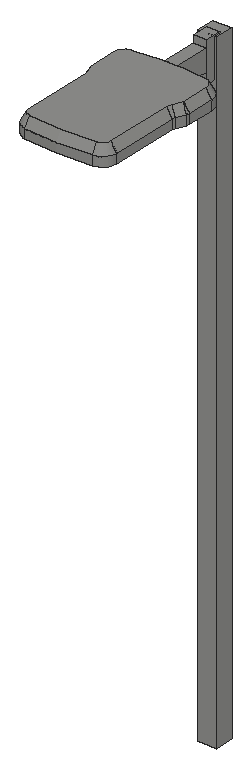
Revit family "VP-4-ASQU", category Lighting Fixtures, host Face, Revit 2019
Family settings
  Host = Face
  Round Connector Dimension = Use Diameter
  Part Type = Normal
  OmniClass Number = 23.80.70.11.14.17
  OmniClass Title = Direct/Indirect
  Cut with Voids When Loaded = No
  Light Source = No
  Shared = Yes
  Room Calculation Point = No
Parameters (values of type "VP-4-ASQU")
  Wattage Comments = "600 W"
  Warranty = "Five year warranty"  # constant formula
  Voltage = 120 V
  URL = "https://www.currentlighting.com/beacon"
  Type Comments = "Lighting Fixture"  # constant formula
  Size = SIZE4_A_ : SIZE4_A_
  Product Page URL = "https://www.currentlighting.com/outdoor-lighting/viper-area-size-4/9606406"
  Product Documentation Link = "https://cdn.currentlighting.com/site/specsheet/BEA_VIPERSPEC.pdf"
  Power Factor = 0.9
  Pole Height [instance] = 120.00"
  Name = "Viper Area Size 4"  # constant formula
  Mounting Base [instance] = Pole Size - 1.00"  # 2.50"
  Model = "VP-4-ASQU"
  Matt Grey = MATT GREY
  Matt Black = Matt Black
  Manufacturer = "Current Lighting"  # constant formula
  Load Classification = Lighting
  Light Output = 87468.00 cd/m²
  Lamp = "LED"  # constant formula
  Grey = Grey
  Glass = Glass
  Pole Size [instance] = 3.50"
  Features = "Featuring two different optical technologies, Micro Strike and Strike Optics, which provide the best distribution patterns for retrofit or new construction\r\nVibration rated for high vibration applications including bridges and overpasses\r\nControl options including photo control, occupancy sensing, NX Lighting Controls, wiSCAPE and 7-Pin with networked controls\r\nMounting options include: Arm, Universal Arm, Adjustable Arm, Mast Arm, Decorative Arm, Knuckle, Trunnion, Wall\r\nDistribution options include: Auto Front Row, Type 2, Type 3, Type 4 Forward, Type 4 Wide, Type 5 Narrow, Type 5 Medium, Type 5 Wide, Type 5 Rectangular, Corner Optic, and Tennis Court\r\n\r\n"  # constant formula
  Copyright = "© 2022 Current Lighting"  # constant formula
  Cool Grey = Cool Grey
  Contact Us = "https://www.currentlighting.com/contact-us"
  Certification = "UL"  # constant formula
  Description = "The Viper is an extremely versatile area/site luminaire which blends design, performance, and technology for a variety of applications."  # constant formula
  Default Elevation = 48.00"
  Finish = Arctic White
  Matt White = Matt White
  CRI = "70"  # constant formula
  Brand = "Beacon"  # constant formula
  Assembly Code = "D5020200"
  Apparent Load = 600 VA
Reference planes (in)
  plane 1 "Center (Front/Back)": y = 6.16697
  plane 2: z = 0
  plane 3 "Center (Left/Right)": x = 0
  plane 4: z = 3.75
  plane 5: z = -4.44
  plane 6: x = -1.75
  plane 7: x = 1.75
  plane 8: y = 4.41697
  plane 9: y = 7.91697
  plane 10: z = 120
Forms (in)
  Extrusion 1, solid, material "Cool Grey" <- "Cool Grey"
    sketch origin (0, 0, 0) x (1, 0, 0) y (0, 1, 0)
      loop
        line (-1.75, 7.91697) -> (-1.75, 4.41697) -> (1.75, 4.41697) -> (1.75, 7.91697) -> (-1.75, 7.91697)
    from 0 to 120
Lines and regions (in)
  reference lines
    curve 1: line (0, 14.42606, -3.25) -> (0, 17.42606, -0.25)
    curve 2: line (0, -2.09213, -3.25) -> (0, 14.42606, -3.25)
    curve 3: line (0, -5.09213, -0.25) -> (0, -2.09213, -3.25)
    curve 4: line (0, 14.42606, -3.25) -> (0, 17.42606, -0.25)
    curve 5: line (0, -5.09213, -0.25) -> (0, 17.42606, -0.25)
    curve 6: line (0, 17.17606, -0.77432) -> (0, 17.92606, -0.77432)
    curve 7: line (0, 17.17606, -1.52432) -> (0, 17.17606, -0.77432)
    curve 8: line (0, 16.69614, -1.52432) -> (0, 17.17606, -1.52432)
    curve 9: line (0, 14.92606, -4.25) -> (0, 16.69614, -1.52432)
    curve 10: line (0, -4.3622, -1.52432) -> (0, -2.59213, -4.25)
    curve 11: line (0, -4.84213, -1.52432) -> (0, -4.3622, -1.52432)
    curve 12: line (0, -4.84213, -0.77432) -> (0, -4.84213, -1.52432)
    curve 13: line (0, -5.59213, -0.77432) -> (0, -4.84213, -0.77432)
Dimensions and locks (in)
  plane 4 to plane 2 = 3.75"
  "Pole Size": plane 8 to plane 9
  equal spacing: plane 8, plane 1 "Center (Front/Back)", plane 9
  equal spacing: plane 6, plane 3 "Center (Left/Right)", plane 7
  "Pole Size": plane 6 to plane 7
  "Pole Height": plane 10 to plane 2
  aligned and locked: plane 2 to host face
  aligned and locked: level to host face
  aligned and locked: plane 10 to Extrusion 1
  aligned and locked: plane 3 "Center (Left/Right)" to nested 1
  aligned and locked: plane 9 to Extrusion 1 sketch curve
  aligned and locked: plane 6 to Extrusion 1 sketch curve
  aligned and locked: Extrusion 1 sketch curve to plane 8
  aligned and locked: Extrusion 1 sketch curve to plane 7
  aligned and locked: plane 10 to nested 1
Automatic sketch dimensions
  host sketch curve to host sketch curve = 96.00"
  host sketch curve to host sketch curve = 85.00"
  curve 3 to level = 0.25"
  plane 8 to curve 3 = 9.50909"
  curve 3 to curve 12 = 0.25"
  curve 11 to curve 11 = 0.47992"
  curve 2 to plane 5 = 1.19"
  curve 10 to curve 2 = 2.27008"
  curve 1 to plane 9 = 6.50909"
  curve 9 to level = 1.52432"
  curve 1 to curve 9 = 2.27008"
  curve 8 to curve 8 = 0.47992"
  curve 6 to curve 4 = 0.25"
  curve 10 to curve 3 = 1.27432"
  curve 7 to curve 1 = 0.52432"
  curve 12 to curve 3 = 0.52432"
  curve 13 to curve 3 = 0.50"
  curve 10 to plane 5 = 0.19"
  curve 10 to curve 2 = 0.50"
  curve 9 to plane 5 = 0.19"
  curve 1 to curve 9 = 0.50"
  curve 1 to curve 6 = 0.50"
Nested families (in)
  nested 1: "SIZE4_A_" at (0, 4.41697, 116.96019) x (1, 0, 0) z (0, -1, 0), type <- "Size", type "SIZE4_A_"
    with Mounting Base Width 2.50"
Connectors (in)
  electrical at (0, 6.16697, 0), driven by "Power Factor", driven by "Apparent Load", driven by "Voltage"
    settings: on Extrusion 1, index 1, voltage 120 V, apparent load 600 VA, apparent load phase1 0 VA, apparent load phase2 0 VA, apparent load phase3 0 VA, power factor 0.9, load classification "Other", number of poles 1, system type 30, power factor state 1, is connector primary yes, connector utility no, sub classification motor no, connector description "Light Fixture"
Definition of nested family "SIZE4_A_"
  Parameters (values of type "SIZE4_A_")
    Width = 19.62"
    Wattage = 519.1 W
    built-in parameter 1150110 = 1 (stored number, unit not read)
    built-in parameter 1114217 = 1 (stored number, unit not read)
    Tilt Angle = 160.00°
    built-in parameter 1150109 = 1 (stored number, unit not read)
    built-in parameter 1150134 = 3
    built-in parameter 1150113 = 1 (stored number, unit not read)
    Photometric Web File = "VP-4-720L-515-5K7-4W-BC.ies"
    Mounting Base Width = 3.00"
    Mount Length = 7.50"
    built-in parameter 1150105 = 3180.8 (stored number, unit not read)
    Lumens = 39970.7 lm
    built-in parameter 1150115 = 1 (stored number, unit not read)
    built-in parameter 1150137 = (empty or 0)
    built-in parameter 1150139 = (empty or 0)
    Length = 27.98"
    built-in parameter 1150112 = 1 (stored number, unit not read)
    built-in parameter 1150114 = 1 (stored number, unit not read)
    built-in parameter 1150132 = (empty or 0)
    built-in parameter 1150102 = (empty or 0)
    built-in parameter 1150107 = 3200 (stored number, unit not read)
    built-in parameter 1150138 = (empty or 0)
    built-in parameter 1150106 = 31.808 (stored number, unit not read)
    Glass = none
    Fixture = none
    built-in parameter 1150104 = 7.1535 (stored number, unit not read)
    Dimming Lamp Color Temperature Shift = (empty or 0)
    Default Elevation = 48.00"
    Color Filter = 16777215
    built-in parameter 1114218 = 1 (stored number, unit not read)
    built-in parameter 1150133 = 10 (stored number, unit not read)
  Reference planes (in)
    plane 1 "Center (Front/Back)": y = 0
    plane 2: z = 0
    plane 3 "Center (Left/Right)": x = 0
    plane 4: x = 9.81
    plane 5: x = -9.81
    plane 6: z = 7.5
    plane 7: z = 35.48
    plane 8: y = -1.74
    plane 9: y = 1.74
    plane 10: x = -1.5
    plane 11: x = 1.5
  Forms (in)
    Extrusion 1, solid
      sketch origin (0, 0, 0) x (1, 0, 0) y (0, 1, 0)
        loop
          line (-48, 48) -> (-48, -48) -> (48, -48) -> (48, 48) -> (-48, 48)
      from 0 to -12
    Extrusion 2, solid, material <- "Fixture"
      sketch origin (0, 0, 0) x (0, 1, 0) y (0, 0, 1)
        loop
          line (1.74, 8.51105) -> (-1.5789, 8.51105) -> (-2.86955, -1.406) -> (1.74, -1.406) -> (1.74, 8.51105)
      from -1.24 to 1.24
    Extrusion 3, void
      sketch origin (0, 0, 0) x (1, 0, 0) y (0, 0, 1)
        loop
          arc (-8.40608, 15.16005) -> (0.0771, 15.81374) -> (8.56, 15.15635) r 55.21553
          line (8.56, 15.15635) -> (8.56, 33.16182) -> (-8.40608, 33.16182) -> (-8.40608, 15.16005)
      from 1 to 1.75
    Extrusion 4, solid, material <- "Glass"
      sketch origin (0, 0, -0.5) x (1, 0, 0) y (0, 0, 1)
        loop
          arc (-7.30987, 33.16182) -> (-7.55736, 33.05931) -> (-7.65987, 32.81182) r 0.35
          line (-7.65987, 32.81182) -> (-7.65987, 28.01182)
          arc (-7.65987, 28.01182) -> (-7.55736, 27.76434) -> (-7.30987, 27.66182) r 0.35
          line (-7.30987, 27.66182) -> (7.30987, 27.66182)
          arc (7.30987, 27.66182) -> (7.55736, 27.76434) -> (7.65987, 28.01182) r 0.35
          line (7.65987, 28.01182) -> (7.65987, 32.81182)
          arc (7.65987, 32.81182) -> (7.55736, 33.05931) -> (7.30987, 33.16182) r 0.35
          line (7.30987, 33.16182) -> (-7.30987, 33.16182)
      from 1 to 1.35
    Extrusion 5, solid, material <- "Glass"
      sketch origin (0.375, 0, -0.375) x (1, 0, 0) y (0, 0, 1)
        loop
          circle (-7.47829, 32.33694) r 0.15
        loop
          circle (-6.95955, 32.33694) r 0.15
        loop
          circle (-6.4408, 32.33694) r 0.15
        loop
          circle (-5.92205, 32.33694) r 0.15
        loop
          circle (-5.4033, 32.33694) r 0.15
        loop
          circle (-4.88455, 32.33694) r 0.15
        loop
          circle (-4.3658, 32.33694) r 0.15
        loop
          circle (-3.84705, 32.33694) r 0.15
        loop
          circle (-3.32831, 32.33694) r 0.15
        loop
          circle (-7.47829, 31.83694) r 0.15
        loop
          circle (-6.95955, 31.83694) r 0.15
        loop
          circle (-6.4408, 31.83694) r 0.15
        loop
          circle (-5.92205, 31.83694) r 0.15
        loop
          circle (-5.4033, 31.83694) r 0.15
        loop
          circle (-4.88455, 31.83694) r 0.15
        loop
          circle (-4.3658, 31.83694) r 0.15
        loop
          circle (-3.84705, 31.83694) r 0.15
        loop
          circle (-3.32831, 31.83694) r 0.15
        loop
          circle (-7.47829, 31.33694) r 0.15
        loop
          circle (-6.95955, 31.33694) r 0.15
        loop
          circle (-6.4408, 31.33694) r 0.15
        loop
          circle (-5.92205, 31.33694) r 0.15
        loop
          circle (-5.4033, 31.33694) r 0.15
        loop
          circle (-4.88455, 31.33694) r 0.15
        loop
          circle (-4.3658, 31.33694) r 0.15
        loop
          circle (-3.84705, 31.33694) r 0.15
        loop
          circle (-3.32831, 31.33694) r 0.15
        loop
          circle (-7.47829, 30.83694) r 0.15
        loop
          circle (-6.95955, 30.83694) r 0.15
        loop
          circle (-6.4408, 30.83694) r 0.15
        loop
          circle (-5.92205, 30.83694) r 0.15
        loop
          circle (-5.4033, 30.83694) r 0.15
        loop
          circle (-4.88455, 30.83694) r 0.15
        loop
          circle (-4.3658, 30.83694) r 0.15
        loop
          circle (-3.84705, 30.83694) r 0.15
        loop
          circle (-3.32831, 30.83694) r 0.15
        loop
          circle (-7.47829, 30.33694) r 0.15
        loop
          circle (-6.95955, 30.33694) r 0.15
        loop
          circle (-6.4408, 30.33694) r 0.15
        loop
          circle (-5.92205, 30.33694) r 0.15
        loop
          circle (-5.4033, 30.33694) r 0.15
        loop
          circle (-4.88455, 30.33694) r 0.15
        loop
          circle (-4.3658, 30.33694) r 0.15
        loop
          circle (-3.84705, 30.33694) r 0.15
        loop
          circle (-3.32831, 30.33694) r 0.15
        loop
          circle (-7.47829, 29.83694) r 0.15
        loop
          circle (-6.95955, 29.83694) r 0.15
        loop
          circle (-6.4408, 29.83694) r 0.15
        loop
          circle (-5.92205, 29.83694) r 0.15
        loop
          circle (-5.4033, 29.83694) r 0.15
        loop
          circle (-4.88455, 29.83694) r 0.15
        loop
          circle (-4.3658, 29.83694) r 0.15
        loop
          circle (-3.84705, 29.83694) r 0.15
        loop
          circle (-3.32831, 29.83694) r 0.15
        loop
          circle (-7.47829, 29.33694) r 0.15
        loop
          circle (-6.95955, 29.33694) r 0.15
        loop
          circle (-6.4408, 29.33694) r 0.15
        loop
          circle (-5.92205, 29.33694) r 0.15
        loop
          circle (-5.4033, 29.33694) r 0.15
        loop
          circle (-4.88455, 29.33694) r 0.15
        loop
          circle (-4.3658, 29.33694) r 0.15
        loop
          circle (-3.84705, 29.33694) r 0.15
        loop
          circle (-3.32831, 29.33694) r 0.15
        loop
          circle (-7.47829, 28.83694) r 0.15
        loop
          circle (-6.95955, 28.83694) r 0.15
        loop
          circle (-6.4408, 28.83694) r 0.15
        loop
          circle (-5.92205, 28.83694) r 0.15
        loop
          circle (-5.4033, 28.83694) r 0.15
        loop
          circle (-4.88455, 28.83694) r 0.15
        loop
          circle (-4.3658, 28.83694) r 0.15
        loop
          circle (-3.84705, 28.83694) r 0.15
        loop
          circle (-3.32831, 28.83694) r 0.15
        loop
          circle (-7.47829, 28.33694) r 0.15
        loop
          circle (-6.95955, 28.33694) r 0.15
        loop
          circle (-6.4408, 28.33694) r 0.15
        loop
          circle (-5.92205, 28.33694) r 0.15
        loop
          circle (-5.4033, 28.33694) r 0.15
        loop
          circle (-4.88455, 28.33694) r 0.15
        loop
          circle (-4.3658, 28.33694) r 0.15
        loop
          circle (-3.84705, 28.33694) r 0.15
        loop
          circle (-3.32831, 28.33694) r 0.15
      from 1.35 to 1.4
    Extrusion 6, solid, material <- "Glass"
      sketch origin (0, 0, -0.375) x (1, 0, 0) y (0, 0, 1)
        loop
          arc (-7.16655, 32.8409) -> (-7.34333, 32.76768) -> (-7.41655, 32.5909) r 0.25
          line (-7.41655, 32.5909) -> (-7.41655, 28.0909)
          arc (-7.41655, 28.0909) -> (-7.34333, 27.91412) -> (-7.16655, 27.8409) r 0.25
          line (-7.16655, 27.8409) -> (-2.81123, 27.8409)
          arc (-2.81123, 27.8409) -> (-2.63446, 27.91412) -> (-2.56123, 28.0909) r 0.25
          line (-2.56123, 28.0909) -> (-2.56123, 32.5909)
          arc (-2.56123, 32.5909) -> (-2.63446, 32.76768) -> (-2.81123, 32.8409) r 0.25
          line (-2.81123, 32.8409) -> (-7.16655, 32.8409)
      from 1.35 to 1.37213
    Extrusion 7, solid, material <- "Fixture"
      sketch origin (0, 0, 12.875) x (1, 0, 0) y (0, 1, 0)
        loop
          line (7.68693, -1) -> (7.68693, -1.20146)
          arc (7.68693, -1.20146) -> (7.69367, -1.23973) -> (7.71311, -1.27339) r 0.1119
          line (7.71311, -1.27339) -> (8.07367, -1.70309)
          arc (8.07367, -1.70309) -> (8.10164, -1.72455) -> (8.13607, -1.73219) r 0.08147
          line (8.13607, -1.73219) -> (8.56, -1.73219) -> (8.56, -1) -> (7.68693, -1)
      from 18.55 to 18.65
    Extrusion 8, solid, material <- "Glass"
      sketch origin (-0.375, 0, -0.375) x (-1, 0, 0) y (0, 0, -1)
        loop
          circle (-7.47829, -32.33694) r 0.15
        loop
          circle (-6.95955, -32.33694) r 0.15
        loop
          circle (-6.4408, -32.33694) r 0.15
        loop
          circle (-5.92205, -32.33694) r 0.15
        loop
          circle (-5.4033, -32.33694) r 0.15
        loop
          circle (-4.88455, -32.33694) r 0.15
        loop
          circle (-4.3658, -32.33694) r 0.15
        loop
          circle (-3.84705, -32.33694) r 0.15
        loop
          circle (-3.32831, -32.33694) r 0.15
        loop
          circle (-7.47829, -31.83694) r 0.15
        loop
          circle (-6.95955, -31.83694) r 0.15
        loop
          circle (-6.4408, -31.83694) r 0.15
        loop
          circle (-5.92205, -31.83694) r 0.15
        loop
          circle (-5.4033, -31.83694) r 0.15
        loop
          circle (-4.88455, -31.83694) r 0.15
        loop
          circle (-4.3658, -31.83694) r 0.15
        loop
          circle (-3.84705, -31.83694) r 0.15
        loop
          circle (-3.32831, -31.83694) r 0.15
        loop
          circle (-7.47829, -31.33694) r 0.15
        loop
          circle (-6.95955, -31.33694) r 0.15
        loop
          circle (-6.4408, -31.33694) r 0.15
        loop
          circle (-5.92205, -31.33694) r 0.15
        loop
          circle (-5.4033, -31.33694) r 0.15
        loop
          circle (-4.88455, -31.33694) r 0.15
        loop
          circle (-4.3658, -31.33694) r 0.15
        loop
          circle (-3.84705, -31.33694) r 0.15
        loop
          circle (-3.32831, -31.33694) r 0.15
        loop
          circle (-7.47829, -30.83694) r 0.15
        loop
          circle (-6.95955, -30.83694) r 0.15
        loop
          circle (-6.4408, -30.83694) r 0.15
        loop
          circle (-5.92205, -30.83694) r 0.15
        loop
          circle (-5.4033, -30.83694) r 0.15
        loop
          circle (-4.88455, -30.83694) r 0.15
        loop
          circle (-4.3658, -30.83694) r 0.15
        loop
          circle (-3.84705, -30.83694) r 0.15
        loop
          circle (-3.32831, -30.83694) r 0.15
        loop
          circle (-7.47829, -30.33694) r 0.15
        loop
          circle (-6.95955, -30.33694) r 0.15
        loop
          circle (-6.4408, -30.33694) r 0.15
        loop
          circle (-5.92205, -30.33694) r 0.15
        loop
          circle (-5.4033, -30.33694) r 0.15
        loop
          circle (-4.88455, -30.33694) r 0.15
        loop
          circle (-4.3658, -30.33694) r 0.15
        loop
          circle (-3.84705, -30.33694) r 0.15
        loop
          circle (-3.32831, -30.33694) r 0.15
        loop
          circle (-7.47829, -29.83694) r 0.15
        loop
          circle (-6.95955, -29.83694) r 0.15
        loop
          circle (-6.4408, -29.83694) r 0.15
        loop
          circle (-5.92205, -29.83694) r 0.15
        loop
          circle (-5.4033, -29.83694) r 0.15
        loop
          circle (-4.88455, -29.83694) r 0.15
        loop
          circle (-4.3658, -29.83694) r 0.15
        loop
          circle (-3.84705, -29.83694) r 0.15
        loop
          circle (-3.32831, -29.83694) r 0.15
        loop
          circle (-7.47829, -29.33694) r 0.15
        loop
          circle (-6.95955, -29.33694) r 0.15
        loop
          circle (-6.4408, -29.33694) r 0.15
        loop
          circle (-5.92205, -29.33694) r 0.15
        loop
          circle (-5.4033, -29.33694) r 0.15
        loop
          circle (-4.88455, -29.33694) r 0.15
        loop
          circle (-4.3658, -29.33694) r 0.15
        loop
          circle (-3.84705, -29.33694) r 0.15
        loop
          circle (-3.32831, -29.33694) r 0.15
        loop
          circle (-7.47829, -28.83694) r 0.15
        loop
          circle (-6.95955, -28.83694) r 0.15
        loop
          circle (-6.4408, -28.83694) r 0.15
        loop
          circle (-5.92205, -28.83694) r 0.15
        loop
          circle (-5.4033, -28.83694) r 0.15
        loop
          circle (-4.88455, -28.83694) r 0.15
        loop
          circle (-4.3658, -28.83694) r 0.15
        loop
          circle (-3.84705, -28.83694) r 0.15
        loop
          circle (-3.32831, -28.83694) r 0.15
        loop
          circle (-7.47829, -28.33694) r 0.15
        loop
          circle (-6.95955, -28.33694) r 0.15
        loop
          circle (-6.4408, -28.33694) r 0.15
        loop
          circle (-5.92205, -28.33694) r 0.15
        loop
          circle (-5.4033, -28.33694) r 0.15
        loop
          circle (-4.88455, -28.33694) r 0.15
        loop
          circle (-4.3658, -28.33694) r 0.15
        loop
          circle (-3.84705, -28.33694) r 0.15
        loop
          circle (-3.32831, -28.33694) r 0.15
      from 1.35 to 1.4
    Extrusion 9, solid, material <- "Glass"
      sketch origin (0, 0, -0.375) x (-1, 0, 0) y (0, 0, -1)
        loop
          line (-7.16655, -32.8409) -> (-2.84181, -32.8409)
          arc (-2.84181, -32.8409) -> (-2.66504, -32.76768) -> (-2.59181, -32.5909) r 0.25
          line (-2.59181, -32.5909) -> (-2.59181, -28.0909)
          arc (-2.59181, -28.0909) -> (-2.66504, -27.91412) -> (-2.84181, -27.8409) r 0.25
          line (-2.84181, -27.8409) -> (-7.16655, -27.8409)
          arc (-7.16655, -27.8409) -> (-7.34333, -27.91412) -> (-7.41655, -28.0909) r 0.25
          line (-7.41655, -28.0909) -> (-7.41655, -32.5909)
          arc (-7.41655, -32.5909) -> (-7.34333, -32.76768) -> (-7.16655, -32.8409) r 0.25
      from 1.35 to 1.37213
    Extrusion 10, solid, material <- "Glass"
      sketch origin (0, 0, -5.75) x (1, 0, 0) y (0, 0, 1)
        loop
          arc (-7.30987, 32.91182) -> (-7.55736, 32.80931) -> (-7.65987, 32.56182) r 0.35
          line (-7.65987, 32.56182) -> (-7.65987, 27.76182)
          arc (-7.65987, 27.76182) -> (-7.55736, 27.51434) -> (-7.30987, 27.41182) r 0.35
          line (-7.30987, 27.41182) -> (7.30987, 27.41182)
          arc (7.30987, 27.41182) -> (7.55736, 27.51434) -> (7.65987, 27.76182) r 0.35
          line (7.65987, 27.76182) -> (7.65987, 32.56182)
          arc (7.65987, 32.56182) -> (7.55736, 32.80931) -> (7.30987, 32.91182) r 0.35
          line (7.30987, 32.91182) -> (-7.30987, 32.91182)
      from 1 to 1.35
    Extrusion 11, solid, material <- "Glass"
      sketch origin (0, 0, 47.30365) x (1, 0, 0) y (0, 0, 1)
        loop
          line (-7.30987, -31.14182) -> (7.30987, -31.14182)
          arc (7.30987, -31.14182) -> (7.55736, -31.03931) -> (7.65987, -30.79182) r 0.35
          line (7.65987, -30.79182) -> (7.65987, -25.99182)
          arc (7.65987, -25.99182) -> (7.55736, -25.74434) -> (7.30987, -25.64182) r 0.35
          line (7.30987, -25.64182) -> (-7.30987, -25.64182)
          arc (-7.30987, -25.64182) -> (-7.55736, -25.74434) -> (-7.65987, -25.99182) r 0.35
          line (-7.65987, -25.99182) -> (-7.65987, -30.79182)
          arc (-7.65987, -30.79182) -> (-7.55736, -31.03931) -> (-7.30987, -31.14182) r 0.35
      from 1 to 1.35
    Extrusion 12, solid, material <- "Fixture"
      sketch origin (0, 0, 11.87318) x (1, 0, 0) y (0, 1, 0)
        loop
          line (7.68693, -1) -> (7.68693, -1.20146)
          arc (7.68693, -1.20146) -> (7.69367, -1.23973) -> (7.71311, -1.27339) r 0.1119
          line (7.71311, -1.27339) -> (8.07367, -1.70309)
          arc (8.07367, -1.70309) -> (8.10164, -1.72455) -> (8.13607, -1.73219) r 0.08147
          line (8.13607, -1.73219) -> (8.56, -1.73219) -> (8.56, -1) -> (7.68693, -1)
      from 18.55 to 18.65
    Extrusion 13, solid, material <- "Fixture"
      sketch origin (0, 0, 10.87135) x (1, 0, 0) y (0, 1, 0)
        loop
          line (7.68693, -1) -> (7.68693, -1.20146)
          arc (7.68693, -1.20146) -> (7.69367, -1.23973) -> (7.71311, -1.27339) r 0.1119
          line (7.71311, -1.27339) -> (8.07367, -1.70309)
          arc (8.07367, -1.70309) -> (8.10164, -1.72455) -> (8.13607, -1.73219) r 0.08147
          line (8.13607, -1.73219) -> (8.56, -1.73219) -> (8.56, -1) -> (7.68693, -1)
      from 18.55 to 18.65
    Extrusion 14, solid, material <- "Fixture"
      sketch origin (0, 0, 9.86953) x (1, 0, 0) y (0, 1, 0)
        loop
          line (7.68693, -1) -> (7.68693, -1.20146)
          arc (7.68693, -1.20146) -> (7.69367, -1.23973) -> (7.71311, -1.27339) r 0.1119
          line (7.71311, -1.27339) -> (8.07367, -1.70309)
          arc (8.07367, -1.70309) -> (8.10164, -1.72455) -> (8.13607, -1.73219) r 0.08147
          line (8.13607, -1.73219) -> (8.56, -1.73219) -> (8.56, -1) -> (7.68693, -1)
      from 18.55 to 18.65
    Extrusion 15, solid, material <- "Fixture"
      sketch origin (0, 0, 8.86953) x (1, 0, 0) y (0, 1, 0)
        loop
          line (7.68693, -1) -> (7.68693, -1.20146)
          arc (7.68693, -1.20146) -> (7.69367, -1.23973) -> (7.71311, -1.27339) r 0.1119
          line (7.71311, -1.27339) -> (8.07367, -1.70309)
          arc (8.07367, -1.70309) -> (8.10164, -1.72455) -> (8.13607, -1.73219) r 0.08147
          line (8.13607, -1.73219) -> (8.56, -1.73219) -> (8.56, -1) -> (7.68693, -1)
      from 18.55 to 18.65
    Extrusion 16, solid, material <- "Fixture"
      sketch origin (0, 0, 7.8125) x (1, 0, 0) y (0, 1, 0)
        loop
          line (7.68693, -1) -> (7.68693, -1.20146)
          arc (7.68693, -1.20146) -> (7.69367, -1.23973) -> (7.71311, -1.27339) r 0.1119
          line (7.71311, -1.27339) -> (8.07367, -1.70309)
          arc (8.07367, -1.70309) -> (8.10164, -1.72455) -> (8.13607, -1.73219) r 0.08147
          line (8.13607, -1.73219) -> (8.56, -1.73219) -> (8.56, -1) -> (7.68693, -1)
      from 18.55 to 18.65
    Extrusion 17, solid, material <- "Fixture"
      sketch origin (0, 0, 6.81068) x (1, 0, 0) y (0, 1, 0)
        loop
          line (7.68693, -1) -> (7.68693, -1.20146)
          arc (7.68693, -1.20146) -> (7.69367, -1.23973) -> (7.71311, -1.27339) r 0.1119
          line (7.71311, -1.27339) -> (8.07367, -1.70309)
          arc (8.07367, -1.70309) -> (8.10164, -1.72455) -> (8.13607, -1.73219) r 0.08147
          line (8.13607, -1.73219) -> (8.56, -1.73219) -> (8.56, -1) -> (7.68693, -1)
      from 18.55 to 18.65
    Extrusion 18, solid, material <- "Fixture"
      sketch origin (0, 0, 5.80885) x (1, 0, 0) y (0, 1, 0)
        loop
          line (7.68693, -1) -> (7.68693, -1.20146)
          arc (7.68693, -1.20146) -> (7.69367, -1.23973) -> (7.71311, -1.27339) r 0.1119
          line (7.71311, -1.27339) -> (8.07367, -1.70309)
          arc (8.07367, -1.70309) -> (8.10164, -1.72455) -> (8.13607, -1.73219) r 0.08147
          line (8.13607, -1.73219) -> (8.56, -1.73219) -> (8.56, -1) -> (7.68693, -1)
      from 18.55 to 18.65
    Extrusion 19, solid, material <- "Fixture"
      sketch origin (0, 0, 4.80703) x (1, 0, 0) y (0, 1, 0)
        loop
          line (7.68693, -1) -> (7.68693, -1.20146)
          arc (7.68693, -1.20146) -> (7.69367, -1.23973) -> (7.71311, -1.27339) r 0.1119
          line (7.71311, -1.27339) -> (8.07367, -1.70309)
          arc (8.07367, -1.70309) -> (8.10164, -1.72455) -> (8.13607, -1.73219) r 0.08147
          line (8.13607, -1.73219) -> (8.56, -1.73219) -> (8.56, -1) -> (7.68693, -1)
      from 18.55 to 18.65
    Extrusion 20, solid, material <- "Fixture"
      sketch origin (0, 0, 3.80703) x (1, 0, 0) y (0, 1, 0)
        loop
          line (7.68693, -1) -> (7.68693, -1.20146)
          arc (7.68693, -1.20146) -> (7.69367, -1.23973) -> (7.71311, -1.27339) r 0.1119
          line (7.71311, -1.27339) -> (8.07367, -1.70309)
          arc (8.07367, -1.70309) -> (8.10164, -1.72455) -> (8.13607, -1.73219) r 0.08147
          line (8.13607, -1.73219) -> (8.56, -1.73219) -> (8.56, -1) -> (7.68693, -1)
      from 18.55 to 18.65
    Extrusion 21, solid, material <- "Fixture"
      sketch origin (0, 0, 2.125) x (1, 0, 0) y (0, 1, 0)
        loop
          line (7.68693, -1) -> (7.68693, -1.20146)
          arc (7.68693, -1.20146) -> (7.69367, -1.23973) -> (7.71311, -1.27339) r 0.1119
          line (7.71311, -1.27339) -> (8.07367, -1.70309)
          arc (8.07367, -1.70309) -> (8.10164, -1.72455) -> (8.13607, -1.73219) r 0.08147
          line (8.13607, -1.73219) -> (8.56, -1.73219) -> (8.56, -1) -> (7.68693, -1)
      from 18.55 to 18.65
    Extrusion 22, solid, material <- "Fixture"
      sketch origin (0, 0, 1.12318) x (1, 0, 0) y (0, 1, 0)
        loop
          line (7.68693, -1) -> (7.68693, -1.20146)
          arc (7.68693, -1.20146) -> (7.69367, -1.23973) -> (7.71311, -1.27339) r 0.1119
          line (7.71311, -1.27339) -> (8.07367, -1.70309)
          arc (8.07367, -1.70309) -> (8.10164, -1.72455) -> (8.13607, -1.73219) r 0.08147
          line (8.13607, -1.73219) -> (8.56, -1.73219) -> (8.56, -1) -> (7.68693, -1)
      from 18.55 to 18.65
    Extrusion 23, solid, material <- "Fixture"
      sketch origin (0, 0, 0.12135) x (1, 0, 0) y (0, 1, 0)
        loop
          line (7.68693, -1) -> (7.68693, -1.20146)
          arc (7.68693, -1.20146) -> (7.69367, -1.23973) -> (7.71311, -1.27339) r 0.1119
          line (7.71311, -1.27339) -> (8.07367, -1.70309)
          arc (8.07367, -1.70309) -> (8.10164, -1.72455) -> (8.13607, -1.73219) r 0.08147
          line (8.13607, -1.73219) -> (8.56, -1.73219) -> (8.56, -1) -> (7.68693, -1)
      from 18.55 to 18.65
    Extrusion 24, solid, material <- "Fixture"
      sketch origin (0, 0, -0.88047) x (1, 0, 0) y (0, 1, 0)
        loop
          line (7.68693, -1) -> (7.68693, -1.20146)
          arc (7.68693, -1.20146) -> (7.69367, -1.23973) -> (7.71311, -1.27339) r 0.1119
          line (7.71311, -1.27339) -> (8.07367, -1.70309)
          arc (8.07367, -1.70309) -> (8.10164, -1.72455) -> (8.13607, -1.73219) r 0.08147
          line (8.13607, -1.73219) -> (8.56, -1.73219) -> (8.56, -1) -> (7.68693, -1)
      from 18.55 to 18.65
    Extrusion 25, solid, material <- "Fixture"
      sketch origin (0, 0, -1.88047) x (1, 0, 0) y (0, 1, 0)
        loop
          line (7.68693, -1) -> (7.68693, -1.20146)
          arc (7.68693, -1.20146) -> (7.69367, -1.23973) -> (7.71311, -1.27339) r 0.1119
          line (7.71311, -1.27339) -> (8.07367, -1.70309)
          arc (8.07367, -1.70309) -> (8.10164, -1.72455) -> (8.13607, -1.73219) r 0.08147
          line (8.13607, -1.73219) -> (8.56, -1.73219) -> (8.56, -1) -> (7.68693, -1)
      from 18.55 to 18.65
    Extrusion 26, solid, material <- "Fixture"
      sketch origin (0.07812, 0, 13.125) x (-1, 0, 0) y (0, -1, 0)
        loop
          line (7.68693, 1) -> (8.56, 1) -> (8.56, 1.73219) -> (8.13607, 1.73219)
          arc (8.13607, 1.73219) -> (8.10164, 1.72455) -> (8.07367, 1.70309) r 0.08147
          line (8.07367, 1.70309) -> (7.71311, 1.27339)
          arc (7.71311, 1.27339) -> (7.69367, 1.23973) -> (7.68693, 1.20146) r 0.1119
          line (7.68693, 1.20146) -> (7.68693, 1)
      from 18.55 to 18.65
    Extrusion 27, solid, material <- "Fixture"
      sketch origin (0.07812, 0, 12.12318) x (-1, 0, 0) y (0, -1, 0)
        loop
          line (7.68693, 1) -> (8.56, 1) -> (8.56, 1.73219) -> (8.13607, 1.73219)
          arc (8.13607, 1.73219) -> (8.10164, 1.72455) -> (8.07367, 1.70309) r 0.08147
          line (8.07367, 1.70309) -> (7.71311, 1.27339)
          arc (7.71311, 1.27339) -> (7.69367, 1.23973) -> (7.68693, 1.20146) r 0.1119
          line (7.68693, 1.20146) -> (7.68693, 1)
      from 18.55 to 18.65
    Extrusion 28, solid, material <- "Fixture"
      sketch origin (0.07812, 0, 11.12135) x (-1, 0, 0) y (0, -1, 0)
        loop
          line (7.68693, 1) -> (8.56, 1) -> (8.56, 1.73219) -> (8.13607, 1.73219)
          arc (8.13607, 1.73219) -> (8.10164, 1.72455) -> (8.07367, 1.70309) r 0.08147
          line (8.07367, 1.70309) -> (7.71311, 1.27339)
          arc (7.71311, 1.27339) -> (7.69367, 1.23973) -> (7.68693, 1.20146) r 0.1119
          line (7.68693, 1.20146) -> (7.68693, 1)
      from 18.55 to 18.65
    Extrusion 29, solid, material <- "Fixture"
      sketch origin (0.07812, 0, 10.11953) x (-1, 0, 0) y (0, -1, 0)
        loop
          line (7.68693, 1) -> (8.56, 1) -> (8.56, 1.73219) -> (8.13607, 1.73219)
          arc (8.13607, 1.73219) -> (8.10164, 1.72455) -> (8.07367, 1.70309) r 0.08147
          line (8.07367, 1.70309) -> (7.71311, 1.27339)
          arc (7.71311, 1.27339) -> (7.69367, 1.23973) -> (7.68693, 1.20146) r 0.1119
          line (7.68693, 1.20146) -> (7.68693, 1)
      from 18.55 to 18.65
    Extrusion 30, solid, material <- "Fixture"
      sketch origin (0.07812, 0, 9.11953) x (-1, 0, 0) y (0, -1, 0)
        loop
          line (7.68693, 1) -> (8.56, 1) -> (8.56, 1.73219) -> (8.13607, 1.73219)
          arc (8.13607, 1.73219) -> (8.10164, 1.72455) -> (8.07367, 1.70309) r 0.08147
          line (8.07367, 1.70309) -> (7.71311, 1.27339)
          arc (7.71311, 1.27339) -> (7.69367, 1.23973) -> (7.68693, 1.20146) r 0.1119
          line (7.68693, 1.20146) -> (7.68693, 1)
      from 18.55 to 18.65
    Extrusion 31, solid, material <- "Fixture"
      sketch origin (0.07812, 0, 8.0625) x (-1, 0, 0) y (0, -1, 0)
        loop
          line (7.68693, 1) -> (8.56, 1) -> (8.56, 1.73219) -> (8.13607, 1.73219)
          arc (8.13607, 1.73219) -> (8.10164, 1.72455) -> (8.07367, 1.70309) r 0.08147
          line (8.07367, 1.70309) -> (7.71311, 1.27339)
          arc (7.71311, 1.27339) -> (7.69367, 1.23973) -> (7.68693, 1.20146) r 0.1119
          line (7.68693, 1.20146) -> (7.68693, 1)
      from 18.55 to 18.65
    Extrusion 32, solid, material <- "Fixture"
      sketch origin (0.07812, 0, 7.06068) x (-1, 0, 0) y (0, -1, 0)
        loop
          line (7.68693, 1) -> (8.56, 1) -> (8.56, 1.73219) -> (8.13607, 1.73219)
          arc (8.13607, 1.73219) -> (8.10164, 1.72455) -> (8.07367, 1.70309) r 0.08147
          line (8.07367, 1.70309) -> (7.71311, 1.27339)
          arc (7.71311, 1.27339) -> (7.69367, 1.23973) -> (7.68693, 1.20146) r 0.1119
          line (7.68693, 1.20146) -> (7.68693, 1)
      from 18.55 to 18.65
    Extrusion 33, solid, material <- "Fixture"
      sketch origin (0.07812, 0, 6.05885) x (-1, 0, 0) y (0, -1, 0)
        loop
          line (7.68693, 1) -> (8.56, 1) -> (8.56, 1.73219) -> (8.13607, 1.73219)
          arc (8.13607, 1.73219) -> (8.10164, 1.72455) -> (8.07367, 1.70309) r 0.08147
          line (8.07367, 1.70309) -> (7.71311, 1.27339)
          arc (7.71311, 1.27339) -> (7.69367, 1.23973) -> (7.68693, 1.20146) r 0.1119
          line (7.68693, 1.20146) -> (7.68693, 1)
      from 18.55 to 18.65
    Extrusion 34, solid, material <- "Fixture"
      sketch origin (0.07812, 0, 5.05703) x (-1, 0, 0) y (0, -1, 0)
        loop
          line (7.68693, 1) -> (8.56, 1) -> (8.56, 1.73219) -> (8.13607, 1.73219)
          arc (8.13607, 1.73219) -> (8.10164, 1.72455) -> (8.07367, 1.70309) r 0.08147
          line (8.07367, 1.70309) -> (7.71311, 1.27339)
          arc (7.71311, 1.27339) -> (7.69367, 1.23973) -> (7.68693, 1.20146) r 0.1119
          line (7.68693, 1.20146) -> (7.68693, 1)
      from 18.55 to 18.65
    Extrusion 35, solid, material <- "Fixture"
      sketch origin (0.07812, 0, 4.05703) x (-1, 0, 0) y (0, -1, 0)
        loop
          line (7.68693, 1) -> (8.56, 1) -> (8.56, 1.73219) -> (8.13607, 1.73219)
          arc (8.13607, 1.73219) -> (8.10164, 1.72455) -> (8.07367, 1.70309) r 0.08147
          line (8.07367, 1.70309) -> (7.71311, 1.27339)
          arc (7.71311, 1.27339) -> (7.69367, 1.23973) -> (7.68693, 1.20146) r 0.1119
          line (7.68693, 1.20146) -> (7.68693, 1)
      from 18.55 to 18.65
    Extrusion 36, solid, material <- "Fixture"
      sketch origin (0.07812, 0, 2.375) x (-1, 0, 0) y (0, -1, 0)
        loop
          line (7.68693, 1) -> (8.56, 1) -> (8.56, 1.73219) -> (8.13607, 1.73219)
          arc (8.13607, 1.73219) -> (8.10164, 1.72455) -> (8.07367, 1.70309) r 0.08147
          line (8.07367, 1.70309) -> (7.71311, 1.27339)
          arc (7.71311, 1.27339) -> (7.69367, 1.23973) -> (7.68693, 1.20146) r 0.1119
          line (7.68693, 1.20146) -> (7.68693, 1)
      from 18.55 to 18.65
    Extrusion 37, solid, material <- "Fixture"
      sketch origin (0.07812, 0, 1.37318) x (-1, 0, 0) y (0, -1, 0)
        loop
          line (7.68693, 1) -> (8.56, 1) -> (8.56, 1.73219) -> (8.13607, 1.73219)
          arc (8.13607, 1.73219) -> (8.10164, 1.72455) -> (8.07367, 1.70309) r 0.08147
          line (8.07367, 1.70309) -> (7.71311, 1.27339)
          arc (7.71311, 1.27339) -> (7.69367, 1.23973) -> (7.68693, 1.20146) r 0.1119
          line (7.68693, 1.20146) -> (7.68693, 1)
      from 18.55 to 18.65
    Extrusion 38, solid, material <- "Fixture"
      sketch origin (0.07812, 0, 0.37135) x (-1, 0, 0) y (0, -1, 0)
        loop
          line (7.68693, 1) -> (8.56, 1) -> (8.56, 1.73219) -> (8.13607, 1.73219)
          arc (8.13607, 1.73219) -> (8.10164, 1.72455) -> (8.07367, 1.70309) r 0.08147
          line (8.07367, 1.70309) -> (7.71311, 1.27339)
          arc (7.71311, 1.27339) -> (7.69367, 1.23973) -> (7.68693, 1.20146) r 0.1119
          line (7.68693, 1.20146) -> (7.68693, 1)
      from 18.55 to 18.65
    Extrusion 39, solid, material <- "Fixture"
      sketch origin (0.07812, 0, -0.63047) x (-1, 0, 0) y (0, -1, 0)
        loop
          line (7.68693, 1) -> (8.56, 1) -> (8.56, 1.73219) -> (8.13607, 1.73219)
          arc (8.13607, 1.73219) -> (8.10164, 1.72455) -> (8.07367, 1.70309) r 0.08147
          line (8.07367, 1.70309) -> (7.71311, 1.27339)
          arc (7.71311, 1.27339) -> (7.69367, 1.23973) -> (7.68693, 1.20146) r 0.1119
          line (7.68693, 1.20146) -> (7.68693, 1)
      from 18.55 to 18.65
    Extrusion 40, solid, material <- "Fixture"
      sketch origin (0.07812, 0, -1.63047) x (-1, 0, 0) y (0, -1, 0)
        loop
          line (7.68693, 1) -> (8.56, 1) -> (8.56, 1.73219) -> (8.13607, 1.73219)
          arc (8.13607, 1.73219) -> (8.10164, 1.72455) -> (8.07367, 1.70309) r 0.08147
          line (8.07367, 1.70309) -> (7.71311, 1.27339)
          arc (7.71311, 1.27339) -> (7.69367, 1.23973) -> (7.68693, 1.20146) r 0.1119
          line (7.68693, 1.20146) -> (7.68693, 1)
      from 18.55 to 18.65
    Extrusion 41, void
      sketch origin (0, 0, 3.625) x (1, 0, 0) y (0, 0, 1)
        loop
          line (-8.70207, 10.26622) -> (-8.70207, 9.26622)
          arc (-8.70207, 9.26622) -> (-0.07103, 7.54738) -> (8.57, 9.21524) r 22.86863
          line (8.57, 9.21524) -> (8.57, 10.21524)
          arc (8.57, 10.21524) -> (-0.07103, 8.54738) -> (-8.70207, 10.26622) r 22.86863
        loop
          line (-8.61035, 8.24972) -> (-8.61035, 7.97854)
          arc (-8.61035, 7.97854) -> (-0.06712, 6.29523) -> (8.48535, 7.93095) r 22.84399
          line (8.48535, 7.93095) -> (8.48535, 8.20243)
          arc (8.48535, 8.20243) -> (-0.06706, 6.57598) -> (-8.61035, 8.24972) r 22.96502
        loop
          line (-8.61035, 7.49972) -> (-8.61035, 7.22854)
          arc (-8.61035, 7.22854) -> (-0.06712, 5.54523) -> (8.48535, 7.18095) r 22.84399
          line (8.48535, 7.18095) -> (8.48535, 7.45243)
          arc (8.48535, 7.45243) -> (-0.06706, 5.82598) -> (-8.61035, 7.49972) r 22.96502
      from 1 to 1.75
    Extrusion 42, solid, material <- "Glass"
      sketch origin (-5.375, 0, -0.375) x (-1, 0, 0) y (0, 0, -1)
        loop
          circle (-7.47829, -32.33694) r 0.15
        loop
          circle (-6.95955, -32.33694) r 0.15
        loop
          circle (-6.4408, -32.33694) r 0.15
        loop
          circle (-5.92205, -32.33694) r 0.15
        loop
          circle (-5.4033, -32.33694) r 0.15
        loop
          circle (-4.88455, -32.33694) r 0.15
        loop
          circle (-4.3658, -32.33694) r 0.15
        loop
          circle (-3.84705, -32.33694) r 0.15
        loop
          circle (-3.32831, -32.33694) r 0.15
        loop
          circle (-7.47829, -31.83694) r 0.15
        loop
          circle (-6.95955, -31.83694) r 0.15
        loop
          circle (-6.4408, -31.83694) r 0.15
        loop
          circle (-5.92205, -31.83694) r 0.15
        loop
          circle (-5.4033, -31.83694) r 0.15
        loop
          circle (-4.88455, -31.83694) r 0.15
        loop
          circle (-4.3658, -31.83694) r 0.15
        loop
          circle (-3.84705, -31.83694) r 0.15
        loop
          circle (-3.32831, -31.83694) r 0.15
        loop
          circle (-7.47829, -31.33694) r 0.15
        loop
          circle (-6.95955, -31.33694) r 0.15
        loop
          circle (-6.4408, -31.33694) r 0.15
        loop
          circle (-5.92205, -31.33694) r 0.15
        loop
          circle (-5.4033, -31.33694) r 0.15
        loop
          circle (-4.88455, -31.33694) r 0.15
        loop
          circle (-4.3658, -31.33694) r 0.15
        loop
          circle (-3.84705, -31.33694) r 0.15
        loop
          circle (-3.32831, -31.33694) r 0.15
        loop
          circle (-7.47829, -30.83694) r 0.15
        loop
          circle (-6.95955, -30.83694) r 0.15
        loop
          circle (-6.4408, -30.83694) r 0.15
        loop
          circle (-5.92205, -30.83694) r 0.15
        loop
          circle (-5.4033, -30.83694) r 0.15
        loop
          circle (-4.88455, -30.83694) r 0.15
        loop
          circle (-4.3658, -30.83694) r 0.15
        loop
          circle (-3.84705, -30.83694) r 0.15
        loop
          circle (-3.32831, -30.83694) r 0.15
        loop
          circle (-7.47829, -30.33694) r 0.15
        loop
          circle (-6.95955, -30.33694) r 0.15
        loop
          circle (-6.4408, -30.33694) r 0.15
        loop
          circle (-5.92205, -30.33694) r 0.15
        loop
          circle (-5.4033, -30.33694) r 0.15
        loop
          circle (-4.88455, -30.33694) r 0.15
        loop
          circle (-4.3658, -30.33694) r 0.15
        loop
          circle (-3.84705, -30.33694) r 0.15
        loop
          circle (-3.32831, -30.33694) r 0.15
        loop
          circle (-7.47829, -29.83694) r 0.15
        loop
          circle (-6.95955, -29.83694) r 0.15
        loop
          circle (-6.4408, -29.83694) r 0.15
        loop
          circle (-5.92205, -29.83694) r 0.15
        loop
          circle (-5.4033, -29.83694) r 0.15
        loop
          circle (-4.88455, -29.83694) r 0.15
        loop
          circle (-4.3658, -29.83694) r 0.15
        loop
          circle (-3.84705, -29.83694) r 0.15
        loop
          circle (-3.32831, -29.83694) r 0.15
        loop
          circle (-7.47829, -29.33694) r 0.15
        loop
          circle (-6.95955, -29.33694) r 0.15
        loop
          circle (-6.4408, -29.33694) r 0.15
        loop
          circle (-5.92205, -29.33694) r 0.15
        loop
          circle (-5.4033, -29.33694) r 0.15
        loop
          circle (-4.88455, -29.33694) r 0.15
        loop
          circle (-4.3658, -29.33694) r 0.15
        loop
          circle (-3.84705, -29.33694) r 0.15
        loop
          circle (-3.32831, -29.33694) r 0.15
        loop
          circle (-7.47829, -28.83694) r 0.15
        loop
          circle (-6.95955, -28.83694) r 0.15
        loop
          circle (-6.4408, -28.83694) r 0.15
        loop
          circle (-5.92205, -28.83694) r 0.15
        loop
          circle (-5.4033, -28.83694) r 0.15
        loop
          circle (-4.88455, -28.83694) r 0.15
        loop
          circle (-4.3658, -28.83694) r 0.15
        loop
          circle (-3.84705, -28.83694) r 0.15
        loop
          circle (-3.32831, -28.83694) r 0.15
        loop
          circle (-7.47829, -28.33694) r 0.15
        loop
          circle (-6.95955, -28.33694) r 0.15
        loop
          circle (-6.4408, -28.33694) r 0.15
        loop
          circle (-5.92205, -28.33694) r 0.15
        loop
          circle (-5.4033, -28.33694) r 0.15
        loop
          circle (-4.88455, -28.33694) r 0.15
        loop
          circle (-4.3658, -28.33694) r 0.15
        loop
          circle (-3.84705, -28.33694) r 0.15
        loop
          circle (-3.32831, -28.33694) r 0.15
      from 1.35 to 1.4
    Extrusion 43, solid, material <- "Glass"
      sketch origin (-5, 0, -0.375) x (-1, 0, 0) y (0, 0, -1)
        loop
          line (-7.16655, -32.8409) -> (-2.84181, -32.8409)
          arc (-2.84181, -32.8409) -> (-2.66504, -32.76768) -> (-2.59181, -32.5909) r 0.25
          line (-2.59181, -32.5909) -> (-2.59181, -28.0909)
          arc (-2.59181, -28.0909) -> (-2.66504, -27.91412) -> (-2.84181, -27.8409) r 0.25
          line (-2.84181, -27.8409) -> (-7.16655, -27.8409)
          arc (-7.16655, -27.8409) -> (-7.34333, -27.91412) -> (-7.41655, -28.0909) r 0.25
          line (-7.41655, -28.0909) -> (-7.41655, -32.5909)
          arc (-7.41655, -32.5909) -> (-7.34333, -32.76768) -> (-7.16655, -32.8409) r 0.25
      from 1.35 to 1.37213
    Extrusion 44, solid, material <- "Glass"
      sketch origin (0.375, 0, -5.875) x (1, 0, 0) y (0, 0, 1)
        loop
          circle (-7.47829, 32.33694) r 0.15
        loop
          circle (-6.95955, 32.33694) r 0.15
        loop
          circle (-6.4408, 32.33694) r 0.15
        loop
          circle (-5.92205, 32.33694) r 0.15
        loop
          circle (-5.4033, 32.33694) r 0.15
        loop
          circle (-4.88455, 32.33694) r 0.15
        loop
          circle (-4.3658, 32.33694) r 0.15
        loop
          circle (-3.84705, 32.33694) r 0.15
        loop
          circle (-3.32831, 32.33694) r 0.15
        loop
          circle (-7.47829, 31.83694) r 0.15
        loop
          circle (-6.95955, 31.83694) r 0.15
        loop
          circle (-6.4408, 31.83694) r 0.15
        loop
          circle (-5.92205, 31.83694) r 0.15
        loop
          circle (-5.4033, 31.83694) r 0.15
        loop
          circle (-4.88455, 31.83694) r 0.15
        loop
          circle (-4.3658, 31.83694) r 0.15
        loop
          circle (-3.84705, 31.83694) r 0.15
        loop
          circle (-3.32831, 31.83694) r 0.15
        loop
          circle (-7.47829, 31.33694) r 0.15
        loop
          circle (-6.95955, 31.33694) r 0.15
        loop
          circle (-6.4408, 31.33694) r 0.15
        loop
          circle (-5.92205, 31.33694) r 0.15
        loop
          circle (-5.4033, 31.33694) r 0.15
        loop
          circle (-4.88455, 31.33694) r 0.15
        loop
          circle (-4.3658, 31.33694) r 0.15
        loop
          circle (-3.84705, 31.33694) r 0.15
        loop
          circle (-3.32831, 31.33694) r 0.15
        loop
          circle (-7.47829, 30.83694) r 0.15
        loop
          circle (-6.95955, 30.83694) r 0.15
        loop
          circle (-6.4408, 30.83694) r 0.15
        loop
          circle (-5.92205, 30.83694) r 0.15
        loop
          circle (-5.4033, 30.83694) r 0.15
        loop
          circle (-4.88455, 30.83694) r 0.15
        loop
          circle (-4.3658, 30.83694) r 0.15
        loop
          circle (-3.84705, 30.83694) r 0.15
        loop
          circle (-3.32831, 30.83694) r 0.15
        loop
          circle (-7.47829, 30.33694) r 0.15
        loop
          circle (-6.95955, 30.33694) r 0.15
        loop
          circle (-6.4408, 30.33694) r 0.15
        loop
          circle (-5.92205, 30.33694) r 0.15
        loop
          circle (-5.4033, 30.33694) r 0.15
        loop
          circle (-4.88455, 30.33694) r 0.15
        loop
          circle (-4.3658, 30.33694) r 0.15
        loop
          circle (-3.84705, 30.33694) r 0.15
        loop
          circle (-3.32831, 30.33694) r 0.15
        loop
          circle (-7.47829, 29.83694) r 0.15
        loop
          circle (-6.95955, 29.83694) r 0.15
        loop
          circle (-6.4408, 29.83694) r 0.15
        loop
          circle (-5.92205, 29.83694) r 0.15
        loop
          circle (-5.4033, 29.83694) r 0.15
        loop
          circle (-4.88455, 29.83694) r 0.15
        loop
          circle (-4.3658, 29.83694) r 0.15
        loop
          circle (-3.84705, 29.83694) r 0.15
        loop
          circle (-3.32831, 29.83694) r 0.15
        loop
          circle (-7.47829, 29.33694) r 0.15
        loop
          circle (-6.95955, 29.33694) r 0.15
        loop
          circle (-6.4408, 29.33694) r 0.15
        loop
          circle (-5.92205, 29.33694) r 0.15
        loop
          circle (-5.4033, 29.33694) r 0.15
        loop
          circle (-4.88455, 29.33694) r 0.15
        loop
          circle (-4.3658, 29.33694) r 0.15
        loop
          circle (-3.84705, 29.33694) r 0.15
        loop
          circle (-3.32831, 29.33694) r 0.15
        loop
          circle (-7.47829, 28.83694) r 0.15
        loop
          circle (-6.95955, 28.83694) r 0.15
        loop
          circle (-6.4408, 28.83694) r 0.15
        loop
          circle (-5.92205, 28.83694) r 0.15
        loop
          circle (-5.4033, 28.83694) r 0.15
        loop
          circle (-4.88455, 28.83694) r 0.15
        loop
          circle (-4.3658, 28.83694) r 0.15
        loop
          circle (-3.84705, 28.83694) r 0.15
        loop
          circle (-3.32831, 28.83694) r 0.15
        loop
          circle (-7.47829, 28.33694) r 0.15
        loop
          circle (-6.95955, 28.33694) r 0.15
        loop
          circle (-6.4408, 28.33694) r 0.15
        loop
          circle (-5.92205, 28.33694) r 0.15
        loop
          circle (-5.4033, 28.33694) r 0.15
        loop
          circle (-4.88455, 28.33694) r 0.15
        loop
          circle (-4.3658, 28.33694) r 0.15
        loop
          circle (-3.84705, 28.33694) r 0.15
        loop
          circle (-3.32831, 28.33694) r 0.15
      from 1.35 to 1.4
    Extrusion 45, solid, material <- "Glass"
      sketch origin (0, 0, -5.875) x (1, 0, 0) y (0, 0, 1)
        loop
          arc (-7.16655, 32.8409) -> (-7.34333, 32.76768) -> (-7.41655, 32.5909) r 0.25
          line (-7.41655, 32.5909) -> (-7.41655, 28.0909)
          arc (-7.41655, 28.0909) -> (-7.34333, 27.91412) -> (-7.16655, 27.8409) r 0.25
          line (-7.16655, 27.8409) -> (-2.81123, 27.8409)
          arc (-2.81123, 27.8409) -> (-2.63446, 27.91412) -> (-2.56123, 28.0909) r 0.25
          line (-2.56123, 28.0909) -> (-2.56123, 32.5909)
          arc (-2.56123, 32.5909) -> (-2.63446, 32.76768) -> (-2.81123, 32.8409) r 0.25
          line (-2.81123, 32.8409) -> (-7.16655, 32.8409)
      from 1.35 to 1.37213
    Extrusion 46, solid, material <- "Glass"
      sketch origin (-0.375, 0, -5.875) x (-1, 0, 0) y (0, 0, -1)
        loop
          circle (-7.47829, -32.33694) r 0.15
        loop
          circle (-6.95955, -32.33694) r 0.15
        loop
          circle (-6.4408, -32.33694) r 0.15
        loop
          circle (-5.92205, -32.33694) r 0.15
        loop
          circle (-5.4033, -32.33694) r 0.15
        loop
          circle (-4.88455, -32.33694) r 0.15
        loop
          circle (-4.3658, -32.33694) r 0.15
        loop
          circle (-3.84705, -32.33694) r 0.15
        loop
          circle (-3.32831, -32.33694) r 0.15
        loop
          circle (-7.47829, -31.83694) r 0.15
        loop
          circle (-6.95955, -31.83694) r 0.15
        loop
          circle (-6.4408, -31.83694) r 0.15
        loop
          circle (-5.92205, -31.83694) r 0.15
        loop
          circle (-5.4033, -31.83694) r 0.15
        loop
          circle (-4.88455, -31.83694) r 0.15
        loop
          circle (-4.3658, -31.83694) r 0.15
        loop
          circle (-3.84705, -31.83694) r 0.15
        loop
          circle (-3.32831, -31.83694) r 0.15
        loop
          circle (-7.47829, -31.33694) r 0.15
        loop
          circle (-6.95955, -31.33694) r 0.15
        loop
          circle (-6.4408, -31.33694) r 0.15
        loop
          circle (-5.92205, -31.33694) r 0.15
        loop
          circle (-5.4033, -31.33694) r 0.15
        loop
          circle (-4.88455, -31.33694) r 0.15
        loop
          circle (-4.3658, -31.33694) r 0.15
        loop
          circle (-3.84705, -31.33694) r 0.15
        loop
          circle (-3.32831, -31.33694) r 0.15
        loop
          circle (-7.47829, -30.83694) r 0.15
        loop
          circle (-6.95955, -30.83694) r 0.15
        loop
          circle (-6.4408, -30.83694) r 0.15
        loop
          circle (-5.92205, -30.83694) r 0.15
        loop
          circle (-5.4033, -30.83694) r 0.15
        loop
          circle (-4.88455, -30.83694) r 0.15
        loop
          circle (-4.3658, -30.83694) r 0.15
        loop
          circle (-3.84705, -30.83694) r 0.15
        loop
          circle (-3.32831, -30.83694) r 0.15
        loop
          circle (-7.47829, -30.33694) r 0.15
        loop
          circle (-6.95955, -30.33694) r 0.15
        loop
          circle (-6.4408, -30.33694) r 0.15
        loop
          circle (-5.92205, -30.33694) r 0.15
        loop
          circle (-5.4033, -30.33694) r 0.15
        loop
          circle (-4.88455, -30.33694) r 0.15
        loop
          circle (-4.3658, -30.33694) r 0.15
        loop
          circle (-3.84705, -30.33694) r 0.15
        loop
          circle (-3.32831, -30.33694) r 0.15
        loop
          circle (-7.47829, -29.83694) r 0.15
        loop
          circle (-6.95955, -29.83694) r 0.15
        loop
          circle (-6.4408, -29.83694) r 0.15
        loop
          circle (-5.92205, -29.83694) r 0.15
        loop
          circle (-5.4033, -29.83694) r 0.15
        loop
          circle (-4.88455, -29.83694) r 0.15
        loop
          circle (-4.3658, -29.83694) r 0.15
        loop
          circle (-3.84705, -29.83694) r 0.15
        loop
          circle (-3.32831, -29.83694) r 0.15
        loop
          circle (-7.47829, -29.33694) r 0.15
        loop
          circle (-6.95955, -29.33694) r 0.15
        loop
          circle (-6.4408, -29.33694) r 0.15
        loop
          circle (-5.92205, -29.33694) r 0.15
        loop
          circle (-5.4033, -29.33694) r 0.15
        loop
          circle (-4.88455, -29.33694) r 0.15
        loop
          circle (-4.3658, -29.33694) r 0.15
        loop
          circle (-3.84705, -29.33694) r 0.15
        loop
          circle (-3.32831, -29.33694) r 0.15
        loop
          circle (-7.47829, -28.83694) r 0.15
        loop
          circle (-6.95955, -28.83694) r 0.15
        loop
          circle (-6.4408, -28.83694) r 0.15
        loop
          circle (-5.92205, -28.83694) r 0.15
        loop
          circle (-5.4033, -28.83694) r 0.15
        loop
          circle (-4.88455, -28.83694) r 0.15
        loop
          circle (-4.3658, -28.83694) r 0.15
        loop
          circle (-3.84705, -28.83694) r 0.15
        loop
          circle (-3.32831, -28.83694) r 0.15
        loop
          circle (-7.47829, -28.33694) r 0.15
        loop
          circle (-6.95955, -28.33694) r 0.15
        loop
          circle (-6.4408, -28.33694) r 0.15
        loop
          circle (-5.92205, -28.33694) r 0.15
        loop
          circle (-5.4033, -28.33694) r 0.15
        loop
          circle (-4.88455, -28.33694) r 0.15
        loop
          circle (-4.3658, -28.33694) r 0.15
        loop
          circle (-3.84705, -28.33694) r 0.15
        loop
          circle (-3.32831, -28.33694) r 0.15
      from 1.35 to 1.4
    Extrusion 47, solid, material <- "Glass"
      sketch origin (0, 0, -5.875) x (-1, 0, 0) y (0, 0, -1)
        loop
          line (-7.16655, -32.8409) -> (-2.84181, -32.8409)
          arc (-2.84181, -32.8409) -> (-2.66504, -32.76768) -> (-2.59181, -32.5909) r 0.25
          line (-2.59181, -32.5909) -> (-2.59181, -28.0909)
          arc (-2.59181, -28.0909) -> (-2.66504, -27.91412) -> (-2.84181, -27.8409) r 0.25
          line (-2.84181, -27.8409) -> (-7.16655, -27.8409)
          arc (-7.16655, -27.8409) -> (-7.34333, -27.91412) -> (-7.41655, -28.0909) r 0.25
          line (-7.41655, -28.0909) -> (-7.41655, -32.5909)
          arc (-7.41655, -32.5909) -> (-7.34333, -32.76768) -> (-7.16655, -32.8409) r 0.25
      from 1.35 to 1.37213
    Extrusion 48, solid, material <- "Glass"
      sketch origin (-5.375, 0, -5.875) x (-1, 0, 0) y (0, 0, -1)
        loop
          circle (-7.47829, -32.33694) r 0.15
        loop
          circle (-6.95955, -32.33694) r 0.15
        loop
          circle (-6.4408, -32.33694) r 0.15
        loop
          circle (-5.92205, -32.33694) r 0.15
        loop
          circle (-5.4033, -32.33694) r 0.15
        loop
          circle (-4.88455, -32.33694) r 0.15
        loop
          circle (-4.3658, -32.33694) r 0.15
        loop
          circle (-3.84705, -32.33694) r 0.15
        loop
          circle (-3.32831, -32.33694) r 0.15
        loop
          circle (-7.47829, -31.83694) r 0.15
        loop
          circle (-6.95955, -31.83694) r 0.15
        loop
          circle (-6.4408, -31.83694) r 0.15
        loop
          circle (-5.92205, -31.83694) r 0.15
        loop
          circle (-5.4033, -31.83694) r 0.15
        loop
          circle (-4.88455, -31.83694) r 0.15
        loop
          circle (-4.3658, -31.83694) r 0.15
        loop
          circle (-3.84705, -31.83694) r 0.15
        loop
          circle (-3.32831, -31.83694) r 0.15
        loop
          circle (-7.47829, -31.33694) r 0.15
        loop
          circle (-6.95955, -31.33694) r 0.15
        loop
          circle (-6.4408, -31.33694) r 0.15
        loop
          circle (-5.92205, -31.33694) r 0.15
        loop
          circle (-5.4033, -31.33694) r 0.15
        loop
          circle (-4.88455, -31.33694) r 0.15
        loop
          circle (-4.3658, -31.33694) r 0.15
        loop
          circle (-3.84705, -31.33694) r 0.15
        loop
          circle (-3.32831, -31.33694) r 0.15
        loop
          circle (-7.47829, -30.83694) r 0.15
        loop
          circle (-6.95955, -30.83694) r 0.15
        loop
          circle (-6.4408, -30.83694) r 0.15
        loop
          circle (-5.92205, -30.83694) r 0.15
        loop
          circle (-5.4033, -30.83694) r 0.15
        loop
          circle (-4.88455, -30.83694) r 0.15
        loop
          circle (-4.3658, -30.83694) r 0.15
        loop
          circle (-3.84705, -30.83694) r 0.15
        loop
          circle (-3.32831, -30.83694) r 0.15
        loop
          circle (-7.47829, -30.33694) r 0.15
        loop
          circle (-6.95955, -30.33694) r 0.15
        loop
          circle (-6.4408, -30.33694) r 0.15
        loop
          circle (-5.92205, -30.33694) r 0.15
        loop
          circle (-5.4033, -30.33694) r 0.15
        loop
          circle (-4.88455, -30.33694) r 0.15
        loop
          circle (-4.3658, -30.33694) r 0.15
        loop
          circle (-3.84705, -30.33694) r 0.15
        loop
          circle (-3.32831, -30.33694) r 0.15
        loop
          circle (-7.47829, -29.83694) r 0.15
        loop
          circle (-6.95955, -29.83694) r 0.15
        loop
          circle (-6.4408, -29.83694) r 0.15
        loop
          circle (-5.92205, -29.83694) r 0.15
        loop
          circle (-5.4033, -29.83694) r 0.15
        loop
          circle (-4.88455, -29.83694) r 0.15
        loop
          circle (-4.3658, -29.83694) r 0.15
        loop
          circle (-3.84705, -29.83694) r 0.15
        loop
          circle (-3.32831, -29.83694) r 0.15
        loop
          circle (-7.47829, -29.33694) r 0.15
        loop
          circle (-6.95955, -29.33694) r 0.15
        loop
          circle (-6.4408, -29.33694) r 0.15
        loop
          circle (-5.92205, -29.33694) r 0.15
        loop
          circle (-5.4033, -29.33694) r 0.15
        loop
          circle (-4.88455, -29.33694) r 0.15
        loop
          circle (-4.3658, -29.33694) r 0.15
        loop
          circle (-3.84705, -29.33694) r 0.15
        loop
          circle (-3.32831, -29.33694) r 0.15
        loop
          circle (-7.47829, -28.83694) r 0.15
        loop
          circle (-6.95955, -28.83694) r 0.15
        loop
          circle (-6.4408, -28.83694) r 0.15
        loop
          circle (-5.92205, -28.83694) r 0.15
        loop
          circle (-5.4033, -28.83694) r 0.15
        loop
          circle (-4.88455, -28.83694) r 0.15
        loop
          circle (-4.3658, -28.83694) r 0.15
        loop
          circle (-3.84705, -28.83694) r 0.15
        loop
          circle (-3.32831, -28.83694) r 0.15
        loop
          circle (-7.47829, -28.33694) r 0.15
        loop
          circle (-6.95955, -28.33694) r 0.15
        loop
          circle (-6.4408, -28.33694) r 0.15
        loop
          circle (-5.92205, -28.33694) r 0.15
        loop
          circle (-5.4033, -28.33694) r 0.15
        loop
          circle (-4.88455, -28.33694) r 0.15
        loop
          circle (-4.3658, -28.33694) r 0.15
        loop
          circle (-3.84705, -28.33694) r 0.15
        loop
          circle (-3.32831, -28.33694) r 0.15
      from 1.35 to 1.4
    Extrusion 49, solid, material <- "Glass"
      sketch origin (-5, 0, -5.875) x (-1, 0, 0) y (0, 0, -1)
        loop
          line (-7.16655, -32.8409) -> (-2.84181, -32.8409)
          arc (-2.84181, -32.8409) -> (-2.66504, -32.76768) -> (-2.59181, -32.5909) r 0.25
          line (-2.59181, -32.5909) -> (-2.59181, -28.0909)
          arc (-2.59181, -28.0909) -> (-2.66504, -27.91412) -> (-2.84181, -27.8409) r 0.25
          line (-2.84181, -27.8409) -> (-7.16655, -27.8409)
          arc (-7.16655, -27.8409) -> (-7.34333, -27.91412) -> (-7.41655, -28.0909) r 0.25
          line (-7.41655, -28.0909) -> (-7.41655, -32.5909)
